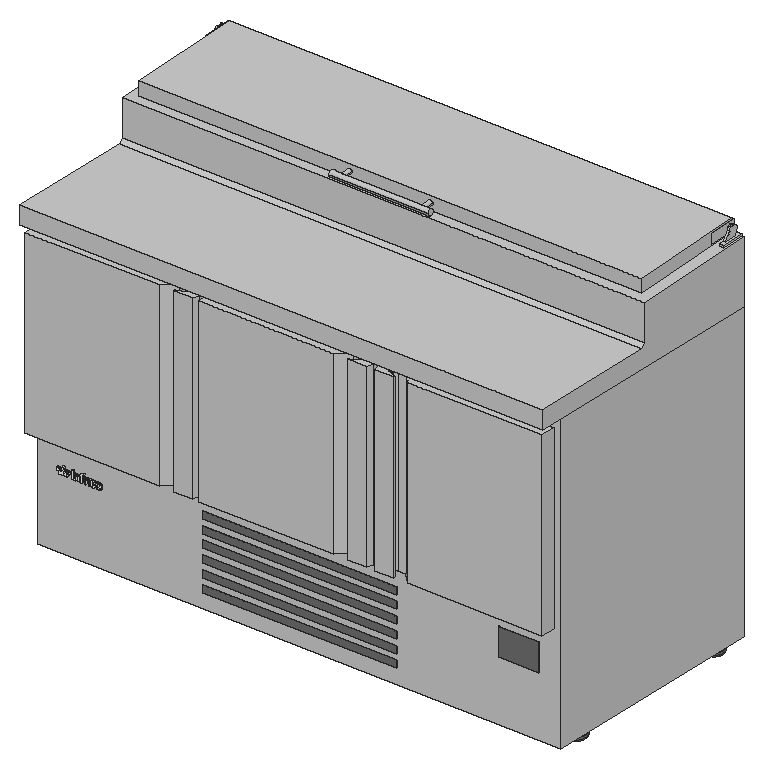
Revit family "QF_INFRICO_ME1003EN_250813083308", category Specialty Equipment, Revit 2021
Family settings
  Round Connector Dimension = Use Diameter
  Part Type = Normal
  OmniClass Number = 23.40.40.14
  OmniClass Title = Food Service Equipment
  Work Plane-Based = No
  Always vertical = Yes
  Cut with Voids When Loaded = No
  Shared = No
  Room Calculation Point = No
Parameters (values of type "ME1003EN-R290")
  Weight [instance] = 136.00 kg
  Waste Water Discharge Temperature [instance] = 0 °C
  Waste Remarks [instance] = ""
  Warranty Start Date [instance] = ""
  Warranty Duration [instance] = ""
  Volts [instance] = 230 V
  Volt Free Conn [instance] = no
  URL Recommended Spares List [instance] = ""
  URL Manufacturer [instance] = ""
  URL Cutsheet [instance] = ""
  URL Critical Spares List [instance] = ""
  URL = "www.infrico.com"
  Technical Documentation [instance] = ""
  Tag Number [instance] = ""
  Status [instance] = ""
  Start Up Current [instance] = 0 A
  Specification by User [instance] = ""
  Specification by Manufacturer [instance] = ""
  Sound Level [instance] = ""
  Show Logo [instance] = yes
  Show Clearances [instance] = yes
  Service Life Duration [instance] = ""
  Serial Number [instance] = ""
  Seismic Rating [instance] = ""
  SMACNA No [instance] = ""
  Revision Code [instance] = ""
  Revision [instance] = ""
  Production Year [instance] = ""
  Potential Equalisation [instance] = no
  Point Load [instance] = 0
  Plumbing Connection Type [instance] = ""
  Phase [instance] = 1
  Other Equipment Approvals [instance] = ""
  Operational Current [instance] = 0 A
  Number of Poles [instance] = 2
  No Load Power Draw [instance] = no
  NAFEM Spec ID Number [instance] = ""
  Model Warning [instance] = ""
  Model = "ME1003EN"
  Min Ckt Ampacity [instance] = 0 A
  Max Overcurrent Protection [instance] = 0 A
  Masterspec [instance] = ""
  Manufacturer = "INFRICO"
  Main switch integrated [instance] = no
  Length Actual [instance] = 1460 mm
  Item Number [instance] = ""
  Installed By [instance] = ""
  Installation Date [instance] = ""
  Indirect Waste Size [instance] = 19.05 mm
  Indirect Waste Remarks [instance] = ""
  Indirect Waste Flow [instance] = 0.0 L/s
  Indirect Waste Connection Type [instance] = ""
  Indirect Waste Connection Height [instance] = 0 mm
  Identify Quantity as Lot [instance] = no
  ID [instance] = ""
  Hygiene Approval [instance] = ""
  Height Actual [instance] = 885 mm
  HP power [instance] = ""
  Furnished By [instance] = ""
  Foodservice Equipment Identifier [instance] = no
  FL Amps [instance] = 0 A
  Electrical Remarks [instance] = ""
  Electric power [instance] = 420 W
  Electric Connection Type [instance] = ""
  Elec Conn RI Height [instance] = 0 mm
  Elec Conn Connection Height [instance] = 0 mm
  ETL Approved [instance] = no
  Direct Waste Water Discharge Temperature [instance] = -273.15 °C
  Direct Waste Size [instance] = 19.05 mm
  Direct Waste RI Height [instance] = 0 mm
  Direct Waste Flow [instance] = 0.0 L/s
  Direct Waste Connection Height [instance] = 0 mm
  Description = "GN1/1 SALAD PREP REFRIGERATOR TABLE 700 SERIES - R290"
  Depth Actual [instance] = 700 mm
  Default Elevation = 0 mm
  Cycle [instance] = 50 Hz
  Cost = 0
  Connection to energy optimisation system [instance] = yes
  Conn Plug [instance] = ""
  Conn Conduit [instance] = no
  Centralized building control system with digital interface [instance] = ""
  CSI MasterFormat [instance] = ""
  CE Approved [instance] = no
  Barcode [instance] = 0
  Author [instance] = ""
  Asset Identifier [instance] = ""
  Apparent Power [instance] = 420 VA
  Accessory [instance] = no
Reference planes
  plane 1 "Center (Front/Back)": y = 0
  plane 2: z = 0
  plane 3 "Center (Left/Right)": x = 0
Forms (mm)
  Extrusion 1, solid, not visible
    sketch origin (487.024, -150.007, 304.015) x (1, 0, 0) y (0, 1, 0)
      loop
        line (-2, 2) -> (-2, -2) -> (2, -2) -> (2, 2) -> (-2, 2)
    from -2 to 2
  Extrusion 2, solid, not visible
    sketch origin (45.002, -152.007, 286.014) x (1, 0, 0) y (0, 1, 0)
      loop
        line (-2, 2) -> (-2, -2) -> (2, -2) -> (2, 2) -> (-2, 2)
    from -2 to 2
Dimensions and locks
  locked: nested 2 to Extrusion 1 at 2  (x2)
  locked: Extrusion 2 to nested 3
  locked: nested 3 to Extrusion 2 at 2
  aligned and locked: level to plane 2
Nested families
  nested 1: "QF_INFRICO_ME1003EN_2920" at (0, 0, 0), type "ME1003EN-R290"
    with Weight 136.00 kg, Warranty Start Date "", Warranty Duration "", URL Cutsheet "", Technical Documentation "", Tag Number "", Status "", Specification by User "", Specification by Manufacturer "", Sound Level "", Solid Fuel Type "", Show Logo yes, Show Clearances yes, Show Clearance yes, Service Life Duration "", Serial Number "", Seismic Rating "", SMACNA No "", Revision Code "", Revision "", Production Year "", Point Load 0, Other Equipment Approvals "", NAFEM Spec ID Number "", Model Warning "", Masterspec "", Length Actual 1460 mm, Item Number "", Installed By "", Installation Date "", Identify Quantity as Lot yes, ID "", Hygiene Approval "", Height Actual 885 mm, Furnished By "", Foodservice Equipment Identifier yes, ETL Approved yes, Depth Actual 700 mm, CSI MasterFormat "", CE Approved no, Barcode "", Author "", Asset Identifier "", Accessory no
  nested 2: "CONN_POINT_DRAIN_2D___Generic_Annotation" at (487.024, -150.007, 302.015), type "CONN_POINT_DRAIN_2D___Generic_Annotation"
    with Onboard connection annotation symbol visibility yes
  nested 3: "CONN_POINT_ELE_2D___Generic_Annotation" at (45.002, -150.007, 286.014), type "CONN_POINT_ELE_2D___Generic_Annotation"
    with Onboard connection annotation symbol visibility yes
  nested 4: "QF_INFRICO_ME_DOOR_SX_4601" at (10, -638, 324), type "ME_DOOR_SX"
    with Weight 0.00 kg, Warranty Start Date "", Warranty Duration "", URL Cutsheet "", Technical Documentation "", Tag Number "", Status "", Specification by User "", Specification by Manufacturer "", Sound Level "", Solid Fuel Type "", Show Logo yes, Show Clearances yes, Show Clearance yes, Service Life Duration "", Serial Number "", Seismic Rating "", SMACNA No "", Revision Code "", Revision "", Production Year "", Point Load 0, Other Equipment Approvals "", NAFEM Spec ID Number "", Model Warning "", Masterspec "", Length Actual 472 mm, Item Number "", Installed By "", Installation Date "", Identify Quantity as Lot yes, ID "", Hygiene Approval "", Height Actual 502 mm, Furnished By "", Foodservice Equipment Identifier yes, ETL Approved yes, Depth Actual 57 mm, CSI MasterFormat "", CE Approved no, Barcode "", Author "", Asset Identifier "", Accessory yes
  nested 5: "QF_INFRICO_ME_DOOR_SX_5375" at (496, -638, 324), type "ME_DOOR_SX"
    with Weight 0.00 kg, Warranty Start Date "", Warranty Duration "", URL Cutsheet "", Technical Documentation "", Tag Number "", Status "", Specification by User "", Specification by Manufacturer "", Sound Level "", Solid Fuel Type "", Show Logo yes, Show Clearances yes, Show Clearance yes, Service Life Duration "", Serial Number "", Seismic Rating "", SMACNA No "", Revision Code "", Revision "", Production Year "", Point Load 0, Other Equipment Approvals "", NAFEM Spec ID Number "", Model Warning "", Masterspec "", Length Actual 472 mm, Item Number "", Installed By "", Installation Date "", Identify Quantity as Lot yes, ID "", Hygiene Approval "", Height Actual 502 mm, Furnished By "", Foodservice Equipment Identifier yes, ETL Approved yes, Depth Actual 57 mm, CSI MasterFormat "", CE Approved no, Barcode "", Author "", Asset Identifier "", Accessory yes
  nested 6: "QF_INFRICO_ME_DOOR_DX_6149" at (982, -638, 324), type "ME_DOOR_DX"
    with Weight 0.00 kg, Warranty Start Date "", Warranty Duration "", URL Cutsheet "", Technical Documentation "", Tag Number "", Status "", Specification by User "", Specification by Manufacturer "", Sound Level "", Solid Fuel Type "", Show Logo yes, Show Clearances yes, Show Clearance yes, Service Life Duration "", Serial Number "", Seismic Rating "", SMACNA No "", Revision Code "", Revision "", Production Year "", Point Load 0, Other Equipment Approvals "", NAFEM Spec ID Number "", Model Warning "", Masterspec "", Length Actual 472 mm, Item Number "", Installed By "", Installation Date "", Identify Quantity as Lot yes, ID "", Hygiene Approval "", Height Actual 502 mm, Furnished By "", Foodservice Equipment Identifier yes, ETL Approved yes, Depth Actual 57 mm, CSI MasterFormat "", CE Approved no, Barcode "", Author "", Asset Identifier "", Accessory yes
Connectors
  piping at (487.024, -150.007, 302.015), diameter 19.05, driven by "Indirect Waste Size", driven by "Direct Waste Flow"
    settings: on Extrusion 1, index 1, connector inside diameter 609.6 mm, connector length 0 mm, flow factor 0, pipe flow 0.0 L/s, pressure drop 0.0 Pa, fitting loss kfactor 0, connector angle 0.00°, fixture units 0, engagement length 0 mm, angle of deflection 0.00°, flow configuration 1, flow direction 2, fitting loss method 0, system type 16, joint type 0, gender type 0, connector reference index -1, connector utility 0, adjustable connector no, is connector primary yes, connector description "Waste connection for ME1003EN"
  electrical at (45.002, -150.007, 286.014), driven by "Apparent Power", driven by "Number of Poles", driven by "Volts"
    settings: on Extrusion 2, index 2, voltage 230 V, apparent load 0 VA, apparent load phase1 420 VA, apparent load phase2 0 VA, apparent load phase3 0 VA, power factor 1, load classification "Other", number of poles 2, system type 31, power factor state 1, is connector primary yes, connector utility no, sub classification motor no, connector description "Electrical connection for ME1003EN"
Definition of nested family "QF_INFRICO_ME1003EN_2920"
  Parameters (values of type "ME1003EN-R290")
    Weight [instance] = 0.00 kg
    Warranty Start Date [instance] = ""
    Warranty Duration [instance] = ""
    URL Cutsheet [instance] = ""
    URL = "www.infrico.com"
    Technical Documentation [instance] = ""
    Tag Number [instance] = ""
    Status [instance] = ""
    Specification by User [instance] = ""
    Specification by Manufacturer [instance] = ""
    Sound Level [instance] = ""
    Solid Fuel Type [instance] = ""
    Show Logo [instance] = yes
    Show Clearances [instance] = yes
    Show Clearance [instance] = yes
    Service Life Duration [instance] = ""
    Serial Number [instance] = ""
    Seismic Rating [instance] = ""
    SMACNA No [instance] = ""
    Revision Code [instance] = ""
    Revision [instance] = ""
    Production Year [instance] = ""
    Point Load [instance] = 0
    Other Equipment Approvals [instance] = ""
    NAFEM Spec ID Number [instance] = ""
    Model Warning [instance] = ""
    Model = "ME1003EN"
    Masterspec [instance] = ""
    Manufacturer = "INFRICO"
    Length Actual [instance] = 0 mm
    Item Number [instance] = ""
    Installed By [instance] = ""
    Installation Date [instance] = ""
    Identify Quantity as Lot [instance] = yes
    ID [instance] = ""
    Hygiene Approval [instance] = ""
    Height Actual [instance] = 0 mm
    Furnished By [instance] = ""
    Foodservice Equipment Identifier [instance] = yes
    ETL Approved [instance] = yes
    Description = "GN1/1 SALAD PREP REFRIGERATOR TABLE 700 SERIES - R290"
    Depth Actual [instance] = 0 mm
    Default Elevation = 0 mm
    CSI MasterFormat [instance] = ""
    CE Approved [instance] = yes
    Barcode [instance] = ""
    Author [instance] = ""
    Asset Identifier [instance] = ""
    Assembly Code = "E1090320"
    Accessory [instance] = yes
  Types (2, lengths in mm): name | Description
    ME1003EN | "GN1/1 SALAD PREP REFRIGERATOR TABLE 700 SERIES - R134A"
    ME1003EN-R290 | "GN1/1 SALAD PREP REFRIGERATOR TABLE 700 SERIES - R290"
  Reference planes
    plane 1 "Back": y = 0
    plane 2: z = 0
    plane 3 "Left": x = 0
    plane 4 "Right": x = 1460
    plane 5 "Front": y = -700
    plane 6 "Top": z = 895.04
  Forms (mm)
    Revolve 1, solid
      sketch origin (29, 0.51, 0) x (0, 1, 0) y (0, 0, 1)
        loop
          line (-65.51, 20.01) -> (-65.51, 0) -> (-45.51, 0)
          arc (-45.51, 0) -> (-41.974, 1.464) -> (-40.51, 5) r 5
          line (-40.51, 5) -> (-40.51, 10) -> (-50.51, 10) -> (-50.51, 15) -> (-60.51, 15) -> (-60.51, 20.01) -> (-65.51, 20.01)
        axis (-65.51, 20.01) -> (-65.51, 0)
      angle from 0 to 360
    Revolve 2, solid
      sketch origin (29, -479.49, 0) x (0, 1, 0) y (0, 0, 1)
        loop
          line (-65.51, 20.01) -> (-65.51, 0) -> (-45.51, 0)
          arc (-45.51, 0) -> (-41.974, 1.464) -> (-40.51, 5) r 5
          line (-40.51, 5) -> (-40.51, 10) -> (-50.51, 10) -> (-50.51, 15) -> (-60.51, 15) -> (-60.51, 20.01) -> (-65.51, 20.01)
        axis (-65.51, 20.01) -> (-65.51, 0)
      angle from 0 to 360
    Revolve 3, solid
      sketch origin (1431, 0.51, 0) x (0, 1, 0) y (0, 0, 1)
        loop
          line (-65.51, 20.01) -> (-65.51, 0) -> (-45.51, 0)
          arc (-45.51, 0) -> (-41.974, 1.464) -> (-40.51, 5) r 5
          line (-40.51, 5) -> (-40.51, 10) -> (-50.51, 10) -> (-50.51, 15) -> (-60.51, 15) -> (-60.51, 20.01) -> (-65.51, 20.01)
        axis (-65.51, 20.01) -> (-65.51, 0)
      angle from 0 to 360
    Revolve 4, solid
      sketch origin (1431, -479.49, 0) x (0, 1, 0) y (0, 0, 1)
        loop
          line (-65.51, 20.01) -> (-65.51, 0) -> (-45.51, 0)
          arc (-45.51, 0) -> (-41.974, 1.464) -> (-40.51, 5) r 5
          line (-40.51, 5) -> (-40.51, 10) -> (-50.51, 10) -> (-50.51, 15) -> (-60.51, 15) -> (-60.51, 20.01) -> (-65.51, 20.01)
        axis (-65.51, 20.01) -> (-65.51, 0)
      angle from 0 to 360
    Extrusion 5, solid
      sketch origin (0, 0, 1) x (0, 1, 0) y (0, 0, 1)
        loop
          line (0, 19.01) -> (0, 49.01) -> (-150, 49.01) -> (-150, 319) -> (0, 319) -> (0, 844.01) -> (-638, 844.01) -> (-638, 19.01) -> (0, 19.01)
      from 30 to 1430
    Extrusion 6, solid
      sketch origin (-1759, -636.1, 1) x (1, 0, 0) y (0, 0, 1)
        loop
          line (2220, 263.01) -> (2220, 243.01) -> (2760, 243.01) -> (2760, 263.01) -> (2220, 263.01)
      from 0 to 2
    Extrusion 7, solid
      sketch origin (-1759, -636.1, -36) x (1, 0, 0) y (0, 0, 1)
        loop
          line (2220, 263.01) -> (2220, 243.01) -> (2760, 243.01) -> (2760, 263.01) -> (2220, 263.01)
      from 0 to 2
    Extrusion 8, solid
      sketch origin (-1759, -636.1, -73) x (1, 0, 0) y (0, 0, 1)
        loop
          line (2220, 263.01) -> (2220, 243.01) -> (2760, 243.01) -> (2760, 263.01) -> (2220, 263.01)
      from 0 to 2
    Extrusion 9, solid
      sketch origin (-1759, -636.1, -110) x (1, 0, 0) y (0, 0, 1)
        loop
          line (2220, 263.01) -> (2220, 243.01) -> (2760, 243.01) -> (2760, 263.01) -> (2220, 263.01)
      from 0 to 2
    Extrusion 10, solid
      sketch origin (-1759, -636.1, -147) x (1, 0, 0) y (0, 0, 1)
        loop
          line (2220, 263.01) -> (2220, 243.01) -> (2760, 243.01) -> (2760, 263.01) -> (2220, 263.01)
      from 0 to 2
    Extrusion 11, solid
      sketch origin (-1759, -636.1, -184) x (1, 0, 0) y (0, 0, 1)
        loop
          line (2220, 263.01) -> (2220, 243.01) -> (2760, 243.01) -> (2760, 263.01) -> (2220, 263.01)
      from 0 to 2
    Extrusion 12, solid
      sketch origin (-1518, -638, 1) x (1, 0, 0) y (0, 0, 1)
        loop
          line (2917.81, 187.81) -> (2917.81, 264.21) -> (2806.21, 264.21) -> (2806.21, 187.81) -> (2917.81, 187.81)
      from 0 to 2
    Extrusion 13, solid
      sketch origin (-1999.879, -1998.654, 934.454) x (1, 0, 0) y (0, 0.999095, 0.042523)
        loop
          line (2004.879, 1939.39) -> (2016.879, 1939.39) -> (2016.879, 1999.39) -> (2004.879, 1999.39) -> (2004.879, 1939.39)
      from 0.49 to 6
    Extrusion 14, solid
      sketch origin (12, -1962.785, 91.697) x (0, 0.999095, 0.042523) y (0, -0.042523, 0.999095)
        loop
          line (1953.39, 849.52) -> (1985.399, 849.52) -> (1991.942, 868.802)
          arc (1991.942, 868.802) -> (1990.52, 873.832) -> (1985.772, 876.02) r 6.246
          line (1985.772, 876.02) -> (1975.772, 876.02)
          arc (1975.772, 876.02) -> (1970.994, 874.797) -> (1967.39, 871.429) r 9.947
          line (1967.39, 871.429) -> (1953.39, 849.52)
      from 0 to 5
    Extrusion 15, solid
      sketch origin (24, -1962.785, 91.697) x (0, 0.999095, 0.042523) y (0, -0.042523, 0.999095)
        loop
          line (1996.591, 881.767) -> (1921.591, 881.767) -> (1921.591, 855.741) -> (1996.591, 855.741) -> (1996.591, 881.767)
      from 0 to 4
    Revolve 16, solid
      sketch origin (-1999.879, 17.922, 175.999) x (1, 0, 0) y (0, -0.042523, 0.999095)
        loop
          line (2023.879, 877.754) -> (2020.879, 877.754) -> (2020.879, 875.754) -> (2016.879, 875.754) -> (2016.879, 868.754) -> (2023.879, 868.754) -> (2023.879, 877.754)
        axis (2023.879, 868.754) -> (2016.879, 868.754)
      angle from 0 to 360
    Extrusion 17, solid
      sketch origin (3459.879, -1998.654, 934.454) x (-1, 0, 0) y (0, -0.999095, -0.042523)
        loop
          line (2004.879, -1939.39) -> (2004.879, -1999.39) -> (2016.879, -1999.39) -> (2016.879, -1939.39) -> (2004.879, -1939.39)
      from 0.49 to 6
    Extrusion 18, solid
      sketch origin (1448, -1962.785, 91.697) x (0, 0.999095, 0.042523) y (0, 0.042523, -0.999095)
        loop
          line (1953.39, -849.52) -> (1967.39, -871.429)
          arc (1967.39, -871.429) -> (1970.994, -874.797) -> (1975.772, -876.02) r 9.947
          line (1975.772, -876.02) -> (1985.772, -876.02)
          arc (1985.772, -876.02) -> (1990.52, -873.832) -> (1991.942, -868.802) r 6.246
          line (1991.942, -868.802) -> (1985.399, -849.52) -> (1953.39, -849.52)
      from 0 to 5
    Extrusion 19, solid
      sketch origin (1436, -1962.785, 91.697) x (0, 0.999095, 0.042523) y (0, 0.042523, -0.999095)
        loop
          line (1996.591, -881.767) -> (1996.591, -855.741) -> (1921.591, -855.741) -> (1921.591, -881.767) -> (1996.591, -881.767)
      from 0 to 4
    Revolve 20, solid
      sketch origin (3459.879, 17.922, 175.999) x (-1, 0, 0) y (0, 0.042523, -0.999095)
        loop
          line (2023.879, -877.754) -> (2023.879, -868.754) -> (2016.879, -868.754) -> (2016.879, -875.754) -> (2020.879, -875.754) -> (2020.879, -877.754) -> (2023.879, -877.754)
        axis (2023.879, -868.754) -> (2016.879, -868.754)
      angle from 0 to 360
    Extrusion 21, solid
      sketch origin (0, -140, 0) x (1, 0, 0) y (0, 0, 1)
        loop
          circle (45, 286) r 12.7
      from 0 to 10
    Extrusion 22, solid
      sketch origin (0, -140, 0) x (1, 0, 0) y (0, 0, 1)
        loop
          circle (487, 302) r 9.525
      from 0 to 10
    Extrusion 23, solid
      sketch origin (0, 0, 1) x (0, 1, 0) y (0, 0, 1)
        loop
          line (-638, 19.01) -> (0, 19.01) -> (0, 844.01) -> (-638, 844.01) -> (-638, 19.01)
      from 0 to 30
    Extrusion 24, solid
      sketch origin (1460, 0, 1) x (0, 1, 0) y (0, 0, -1)
        loop
          line (-638, -19.01) -> (-638, -844.01) -> (0, -844.01) -> (0, -19.01) -> (-638, -19.01)
      from 0 to 30
    Extrusion 25, solid
      sketch origin (0, -2000, 1) x (0, 1, 0) y (0, 0, 1)
        loop
          line (1300, 844.01) -> (2000, 844.01) -> (2000, 1019.01) -> (1656.719, 1004.399) -> (1656.719, 904.399) -> (1646.36, 894.04) -> (1300, 894.04) -> (1300, 844.01)
      from 0 to 1460
    Extrusion 26, solid
      sketch origin (0, -2000, 1) x (0, 1, 0) y (0, 0, 1)
        loop
          line (1996.715, 1031.107) -> (1995.527, 1059.029) -> (1678.795, 1045.549) -> (1680.325, 1009.592) -> (1974.772, 1022.124) -> (1996.715, 1031.107)
      from 28 to 1432
    Extrusion 27, solid
      sketch origin (304.488, 144.54, 178.873) x (0, 0.999907, 0.013666) y (0, -0.013666, 0.999907)
        loop
          circle (-485.389, 855.265) r 8
      from 287.002 to 564.022
    Extrusion 28, solid
      sketch origin (335.088, 185.842, 174.758) x (1, 0, 0) y (0, -0.042523, 0.999095)
        loop
          circle (282.344, 874.787) r 6
      from 469.509 to 496.446
    Extrusion 29, solid
      sketch origin (560.088, 185.842, 174.758) x (1, 0, 0) y (0, -0.042523, 0.999095)
        loop
          circle (282.344, 874.787) r 6
      from 469.509 to 496.446
    Extrusion 30, solid, detail levels coarse
      sketch origin (0, 0, 1) x (0, 1, 0) y (0, 0, 1)
        loop
          line (-4.473, 1059.029) -> (-16.423, 1339.794) -> (-52.391, 1338.263)
          arc (-52.391, 1338.263) -> (-247.421, 1247.579) -> (-321.205, 1045.549) r 281.019
          line (-321.205, 1045.549) -> (-4.473, 1059.029)
      from 28 to 1432
    Extrusion 31, solid, visible <- "Show Logo"
      sketch origin (-1108.19, -638, -480.543) x (1, 0, 0) y (0, 0, 1)
        loop
          line (1208.799, 696.53) -> (1208.799, 719.204) -> (1204.173, 719.204) -> (1204.173, 696.53) -> (1208.799, 696.53)
        loop
          line (1214.779, 713.006) -> (1211.283, 713.006) -> (1211.283, 696.53) -> (1215.772, 696.53) -> (1215.772, 707.832)
          arc (1215.772, 707.832) -> (1217.528, 708.741) -> (1219.417, 709.324) r 11.052
          arc (1219.417, 709.324) -> (1220.929, 708.961) -> (1221.598, 707.557) r 1.806
          line (1221.598, 707.557) -> (1221.598, 696.53) -> (1226.121, 696.53) -> (1226.121, 708.689)
          arc (1226.121, 708.689) -> (1224.637, 712.075) -> (1221.141, 713.281) r 4.607
          arc (1221.141, 713.281) -> (1218.282, 712.674) -> (1215.669, 711.361) r 11.435
          line (1215.669, 711.361) -> (1215.601, 712.184)
          arc (1215.601, 712.184) -> (1215.36, 712.765) -> (1214.779, 713.006) r 0.822
        loop
          line (1238.557, 720.102) -> (1237.306, 720.102)
          arc (1237.306, 720.102) -> (1235.052, 719.926) -> (1232.881, 719.297) r 11.103
          arc (1232.881, 719.297) -> (1230.805, 717.616) -> (1230.024, 715.062) r 4.567
          line (1230.024, 715.062) -> (1230.024, 712.909) -> (1227.351, 712.703) -> (1227.351, 709.374) -> (1230.024, 709.374) -> (1230.024, 696.53) -> (1234.547, 696.53) -> (1234.547, 709.374) -> (1238.249, 709.374) -> (1238.249, 712.938) -> (1234.547, 712.938) -> (1234.547, 714.548)
          arc (1234.547, 714.548) -> (1234.956, 715.705) -> (1236.045, 716.271) r 1.67
          line (1236.045, 716.271) -> (1237.7, 716.399)
          arc (1237.7, 716.399) -> (1238.306, 716.65) -> (1238.557, 717.255) r 0.857
          line (1238.557, 717.255) -> (1238.557, 720.102)
        loop
          line (1239.479, 713.006) -> (1239.479, 696.53) -> (1243.968, 696.53) -> (1243.968, 707.352)
          arc (1243.968, 707.352) -> (1245.873, 708.631) -> (1248.077, 709.268) r 7.435
          line (1248.077, 709.268) -> (1249.241, 709.416)
          arc (1249.241, 709.416) -> (1249.643, 709.758) -> (1249.793, 710.265) r 0.928
          line (1249.793, 710.265) -> (1249.793, 712.458)
          arc (1249.793, 712.458) -> (1249.531, 713.061) -> (1248.912, 713.28) r 0.824
          arc (1248.912, 713.28) -> (1246.197, 712.588) -> (1243.899, 710.984) r 7.833
          line (1243.899, 710.984) -> (1243.726, 713.006) -> (1239.479, 713.006)
        loop
          line (1255.495, 696.53) -> (1255.495, 713.006) -> (1251.006, 713.006) -> (1251.006, 696.53) -> (1255.495, 696.53)
        loop
          arc (1257.421, 701.327) -> (1258.567, 698.188) -> (1261.466, 696.525) r 4.873
          arc (1261.466, 696.525) -> (1264.493, 696.266) -> (1267.521, 696.525) r 17.816
          arc (1267.521, 696.525) -> (1270.575, 699.134) -> (1271.505, 703.041) r 6.481
          line (1271.505, 703.041) -> (1267.187, 703.041) -> (1267.187, 701.67)
          arc (1267.187, 701.67) -> (1266.64, 700.452) -> (1265.442, 699.865) r 1.965
          arc (1265.442, 699.865) -> (1264.547, 699.816) -> (1263.653, 699.865) r 8.196
          arc (1263.653, 699.865) -> (1262.417, 700.415) -> (1261.91, 701.67) r 1.806
          line (1261.91, 701.67) -> (1261.91, 707.9)
          arc (1261.91, 707.9) -> (1262.417, 709.155) -> (1263.653, 709.705) r 1.806
          arc (1263.653, 709.705) -> (1264.547, 709.754) -> (1265.442, 709.705) r 8.196
          arc (1265.442, 709.705) -> (1266.64, 709.118) -> (1267.187, 707.9) r 1.965
          line (1267.187, 707.9) -> (1267.187, 706.838) -> (1271.505, 706.838)
          arc (1271.505, 706.838) -> (1270.524, 710.556) -> (1267.521, 712.959) r 6.132
          arc (1267.521, 712.959) -> (1264.493, 713.294) -> (1261.466, 712.959) r 13.851
          arc (1261.466, 712.959) -> (1258.571, 711.349) -> (1257.421, 708.243) r 4.772
          line (1257.421, 708.243) -> (1257.421, 701.327)
        loop
          arc (1272.916, 701.329) -> (1273.993, 698.345) -> (1276.726, 696.734) r 4.676
          arc (1276.726, 696.734) -> (1278.515, 696.455) -> (1280.318, 696.291) r 28.371
          arc (1280.318, 696.291) -> (1282.122, 696.455) -> (1283.911, 696.734) r 28.371
          arc (1283.911, 696.734) -> (1286.644, 698.345) -> (1287.72, 701.329) r 4.676
          line (1287.72, 701.329) -> (1287.72, 708.242)
          arc (1287.72, 708.242) -> (1286.644, 711.226) -> (1283.911, 712.837) r 4.676
          arc (1283.911, 712.837) -> (1282.122, 713.116) -> (1280.318, 713.28) r 28.371
          arc (1280.318, 713.28) -> (1278.515, 713.116) -> (1276.726, 712.837) r 28.371
          arc (1276.726, 712.837) -> (1273.993, 711.226) -> (1272.916, 708.242) r 4.676
          line (1272.916, 708.242) -> (1272.916, 701.329)
        loop
          line (1277.405, 707.866) -> (1277.405, 701.705)
          arc (1277.405, 701.705) -> (1277.844, 700.556) -> (1278.936, 699.991) r 1.725
          arc (1278.936, 699.991) -> (1279.627, 699.918) -> (1280.318, 699.856) r 46.133
          arc (1280.318, 699.856) -> (1281.01, 699.918) -> (1281.701, 699.991) r 46.133
          arc (1281.701, 699.991) -> (1282.793, 700.556) -> (1283.231, 701.705) r 1.725
          line (1283.231, 701.705) -> (1283.231, 707.866)
          arc (1283.231, 707.866) -> (1282.793, 709.015) -> (1281.701, 709.58) r 1.725
          arc (1281.701, 709.58) -> (1281.01, 709.653) -> (1280.318, 709.716) r 46.133
          arc (1280.318, 709.716) -> (1279.627, 709.653) -> (1278.936, 709.58) r 46.133
          arc (1278.936, 709.58) -> (1277.844, 709.015) -> (1277.405, 707.866) r 1.725
        loop
          arc (1190.339, 696.543) -> (1191.411, 696.987) -> (1191.856, 698.059) r 1.516
          line (1191.856, 698.059) -> (1191.856, 703.891) -> (1196.035, 703.891)
          arc (1196.035, 703.891) -> (1196.79, 704.121) -> (1197.218, 704.782) r 1.147
          line (1197.218, 704.782) -> (1197.218, 706.211)
          arc (1197.218, 706.211) -> (1196.787, 707.258) -> (1195.719, 707.634) r 1.385
          line (1195.719, 707.634) -> (1194.52, 707.634) -> (1197.218, 710.332)
          arc (1197.218, 710.332) -> (1197.605, 711.266) -> (1197.218, 712.2) r 1.321
          line (1197.218, 712.2) -> (1196.495, 712.923)
          arc (1196.495, 712.923) -> (1195.54, 713.338) -> (1194.558, 712.991) r 1.422
          line (1194.558, 712.991) -> (1191.853, 710.286) -> (1191.853, 711.479)
          arc (1191.853, 711.479) -> (1191.443, 712.516) -> (1190.435, 712.992) r 1.516
          line (1190.435, 712.992) -> (1189.514, 712.992)
          arc (1189.514, 712.992) -> (1188.511, 712.514) -> (1188.103, 711.479) r 1.516
          line (1188.103, 711.479) -> (1188.103, 706.83) -> (1182.073, 701.336) -> (1182.073, 707.509) -> (1185.639, 711.075)
          arc (1185.639, 711.075) -> (1186.053, 712.073) -> (1185.639, 713.071) r 1.412
          line (1185.639, 713.071) -> (1184.987, 713.723)
          arc (1184.987, 713.723) -> (1183.939, 714.141) -> (1182.915, 713.667) r 1.428
          line (1182.915, 713.667) -> (1182.073, 712.825) -> (1182.073, 717.784)
          arc (1182.073, 717.784) -> (1181.658, 718.787) -> (1180.655, 719.203) r 1.418
          line (1180.655, 719.203) -> (1179.726, 719.203)
          arc (1179.726, 719.203) -> (1178.723, 718.787) -> (1178.308, 717.784) r 1.418
          line (1178.308, 717.784) -> (1178.308, 712.825) -> (1177.466, 713.667)
          arc (1177.466, 713.667) -> (1176.442, 714.141) -> (1175.394, 713.723) r 1.428
          line (1175.394, 713.723) -> (1174.742, 713.071)
          arc (1174.742, 713.071) -> (1174.328, 712.073) -> (1174.742, 711.075) r 1.412
          line (1174.742, 711.075) -> (1178.308, 707.509) -> (1178.308, 701.336) -> (1172.278, 706.83) -> (1172.278, 711.479)
          arc (1172.278, 711.479) -> (1171.87, 712.514) -> (1170.867, 712.992) r 1.516
          line (1170.867, 712.992) -> (1169.946, 712.992)
          arc (1169.946, 712.992) -> (1168.938, 712.516) -> (1168.528, 711.479) r 1.516
          line (1168.528, 711.479) -> (1168.528, 710.286) -> (1165.823, 712.991)
          arc (1165.823, 712.991) -> (1164.841, 713.338) -> (1163.886, 712.923) r 1.422
          line (1163.886, 712.923) -> (1163.163, 712.2)
          arc (1163.163, 712.2) -> (1162.776, 711.266) -> (1163.163, 710.332) r 1.321
          line (1163.163, 710.332) -> (1165.861, 707.634) -> (1164.662, 707.634)
          arc (1164.662, 707.634) -> (1163.594, 707.258) -> (1163.163, 706.211) r 1.385
          line (1163.163, 706.211) -> (1163.163, 704.782)
          arc (1163.163, 704.782) -> (1163.591, 704.121) -> (1164.346, 703.891) r 1.147
          line (1164.346, 703.891) -> (1168.525, 703.891) -> (1168.525, 698.059)
          arc (1168.525, 698.059) -> (1168.969, 696.987) -> (1170.042, 696.543) r 1.516
          line (1170.042, 696.543) -> (1190.339, 696.543)
      from 0 to 2
  Cuts and joins
    joined: Extrusion 5, Extrusion 23, Extrusion 24
  Lines and regions (mm)
    symbolic lines
      curve 1: line (1460, -700, 0) -> (1460, 0, 0)
      curve 2: line (0, -700, 0) -> (1460, -700, 0)
      curve 3: line (0, 0, 0) -> (0, -700, 0)
      curve 4: line (1460, 0, 0) -> (0, 0, 0)
      curve 5: line (24, -80.427, 0) -> (28, -80.427, 0)
      curve 6: line (24, -4.389, 0) -> (24, -80.427, 0)
      curve 7: line (28, -4.389, 0) -> (24, -4.389, 0)
      curve 8: line (17, -1.093, 0) -> (5, -1.093, 0)
      curve 9: line (5, -1.093, 0) -> (5, -61.273, 0)
      curve 10: line (5, -61.273, 0) -> (17, -61.273, 0)
      curve 11: line (17, -61.273, 0) -> (17, -1.093, 0)
      curve 12: line (24, -12.02, 0) -> (17, -12.02, 0)
      curve 13: line (24, -26.02, 0) -> (17, -26.02, 0)
      curve 14: line (1436, -78.409, 0) -> (1436, -3.409, 0)
      curve 15: line (1432, -78.409, 0) -> (1436, -78.409, 0)
      curve 16: line (1436, -3.409, 0) -> (1432, -3.409, 0)
      curve 17: line (1443, -1.093, 0) -> (1443, -61.273, 0)
      curve 18: line (1455, -1.093, 0) -> (1443, -1.093, 0)
      curve 19: line (1455, -61.273, 0) -> (1455, -1.093, 0)
      curve 20: line (1443, -61.273, 0) -> (1455, -61.273, 0)
      curve 21: line (1436, -26.02, 0) -> (1443, -26.02, 0)
      curve 22: line (1436, -12.02, 0) -> (1443, -12.02, 0)
      curve 23: line (591.49, -360.491, 0) -> (591.49, -344.492, 0)
      curve 24: line (591.49, -344.492, 0) -> (868.51, -344.492, 0)
      curve 25: line (868.51, -344.492, 0) -> (868.51, -360.491, 0)
      curve 26: line (868.51, -360.491, 0) -> (591.49, -360.491, 0)
      curve 27: line (611.432, -344.492, 0) -> (611.432, -321.459, 0)
      curve 28: line (623.432, -344.492, 0) -> (623.432, -321.459, 0)
      curve 29: line (836.432, -344.492, 0) -> (836.432, -321.459, 0)
      curve 30: line (848.432, -344.492, 0) -> (848.432, -321.459, 0)
      curve 31: line (28, -3.285, 0) -> (28, -321.205, 0)
      curve 32: line (1432, -321.205, 0) -> (28, -321.205, 0)
      curve 33: line (1432, -321.205, 0) -> (1432, -3.285, 0)
      curve 34: line (28, -3.285, 0) -> (1432, -3.285, 0)
  Dimensions and locks
    plane 1 "Back" to plane 5 "Front" = 700 mm  (x2)
    plane 6 "Top" to level = 895.04 mm  (x2)
    plane 4 "Right" to plane 3 "Left" = 1460 mm
    plane 3 "Left" to plane 4 "Right" = 1460 mm
    aligned and locked: level to plane 2
  Connectors
    electrical at (45, -140, 286)
      settings: on Extrusion 21, index 1, voltage 0 V, apparent load 0 VA, apparent load phase1 0 VA, apparent load phase2 0 VA, apparent load phase3 0 VA, power factor 1, load classification none, number of poles 1, system type 31, power factor state 1, is connector primary yes, connector utility no, sub classification motor no, connector description "Electrical connection"
    piping at (487, -140, 302), diameter 19.1
      settings: on Extrusion 22, index 2, connector inside diameter 609.6 mm, connector length 0 mm, flow factor 0, pipe flow 0.0 L/s, pressure drop 0.0 Pa, fitting loss kfactor 0, connector angle 0.00°, fixture units 0, engagement length 0 mm, angle of deflection 0.00°, flow configuration 1, flow direction 1, fitting loss method 0, system type 16, joint type 0, gender type 0, connector reference index -1, connector utility 0, adjustable connector no, is connector primary yes, connector description "Drain connection"
Definition of nested family "QF_INFRICO_ME_DOOR_SX_4601"
  Parameters (values of type "ME_DOOR_SX")
    Weight [instance] = 0.00 kg
    Warranty Start Date [instance] = ""
    Warranty Duration [instance] = ""
    URL Cutsheet [instance] = ""
    URL = "www.infrico.com"
    Technical Documentation [instance] = ""
    Tag Number [instance] = ""
    Status [instance] = ""
    Specification by User [instance] = ""
    Specification by Manufacturer [instance] = ""
    Sound Level [instance] = ""
    Solid Fuel Type [instance] = ""
    Show Logo [instance] = yes
    Show Clearances [instance] = yes
    Show Clearance [instance] = yes
    Service Life Duration [instance] = ""
    Serial Number [instance] = ""
    Seismic Rating [instance] = ""
    SMACNA No [instance] = ""
    Revision Code [instance] = ""
    Revision [instance] = ""
    Production Year [instance] = ""
    Point Load [instance] = 0
    Other Equipment Approvals [instance] = ""
    NAFEM Spec ID Number [instance] = ""
    Model Warning [instance] = ""
    Model = "ME_DOOR_SX"
    Masterspec [instance] = ""
    Manufacturer = "INFRICO"
    Length Actual [instance] = 0 mm
    Item Number [instance] = ""
    Installed By [instance] = ""
    Installation Date [instance] = ""
    Identify Quantity as Lot [instance] = yes
    ID [instance] = ""
    Hygiene Approval [instance] = ""
    Height Actual [instance] = 0 mm
    Furnished By [instance] = ""
    Foodservice Equipment Identifier [instance] = yes
    ETL Approved [instance] = yes
    Description = "LEFT DOOR"
    Depth Actual [instance] = 0 mm
    Default Elevation = 0 mm
    CSI MasterFormat [instance] = ""
    CE Approved [instance] = yes
    Barcode [instance] = ""
    Author [instance] = ""
    Asset Identifier [instance] = ""
    Assembly Code = "E1090320"
    Accessory [instance] = yes
  Reference planes
    plane 1 "Back": y = 0
    plane 2: z = 0
    plane 3 "Left": x = 0
    plane 4 "Right": x = 472
    plane 5 "Front": y = -57
    plane 6 "Top": z = 502
  Forms (mm)
    Extrusion 1, solid
      sketch origin (2981.326, 637.02, -168.61) x (-1, 0, 0) y (0, -1, 0)
        loop
          line (2605.426, 694.02) -> (2575.356, 663.95) -> (2552.604, 663.95) -> (2541.663, 666.881)
          arc (2541.663, 666.881) -> (2540.582, 667.631) -> (2540.222, 668.896) r 1.95
          line (2540.222, 668.896) -> (2540.566, 678.741)
          arc (2540.566, 678.741) -> (2540.774, 679.563) -> (2541.304, 680.224) r 2.001
          line (2541.304, 680.224) -> (2566.566, 690.947) -> (2566.566, 694.02) -> (2514.259, 694.02) -> (2509.326, 675.612) -> (2509.326, 654.02) -> (2981.326, 654.02) -> (2981.326, 694.02) -> (2605.426, 694.02)
      from 168.61 to 670.61
    Extrusion 2, solid
      sketch origin (0, 0, 0) x (1, 0, 0) y (0, 0, 1)
        loop
          line (457, 487) -> (15, 487) -> (15, 15) -> (457, 15) -> (457, 487)
        loop
          line (45, 457) -> (45, 45) -> (427, 45) -> (427, 457) -> (45, 457)
      from 0 to 17
    Extrusion 3, solid, detail levels coarse
      sketch origin (0, 0, 0) x (1, 0, 0) y (0, 1, 0)
        loop
          line (472, -57) -> (0, -57) -> (0, -472) -> (57, -472)
          arc (57, -472) -> (350.449, -350.449) -> (472, -57) r 415
      from 0 to 502
  Lines and regions (mm)
    symbolic lines
      curve 1: line (0, -62, 0) -> (0, -472, 0)
      curve 2: line (0, -472, 0) -> (57, -472, 0)
      curve 3: arc (57, -472, 0) -> (348.676, -352.212, 0) -> (471.97, -62, 0) r 415
  Dimensions and locks
    plane 4 "Right" to plane 3 "Left" = 472 mm
    plane 6 "Top" to level = 502 mm  (x2)
    plane 1 "Back" to plane 5 "Front" = 57 mm  (x2)
    plane 3 "Left" to plane 4 "Right" = 472 mm
    aligned and locked: level to plane 2
Definition of nested family "QF_INFRICO_ME_DOOR_SX_5375"
  Parameters (values of type "ME_DOOR_SX")
    Weight [instance] = 0.00 kg
    Warranty Start Date [instance] = ""
    Warranty Duration [instance] = ""
    URL Cutsheet [instance] = ""
    URL = "www.infrico.com"
    Technical Documentation [instance] = ""
    Tag Number [instance] = ""
    Status [instance] = ""
    Specification by User [instance] = ""
    Specification by Manufacturer [instance] = ""
    Sound Level [instance] = ""
    Solid Fuel Type [instance] = ""
    Show Logo [instance] = yes
    Show Clearances [instance] = yes
    Show Clearance [instance] = yes
    Service Life Duration [instance] = ""
    Serial Number [instance] = ""
    Seismic Rating [instance] = ""
    SMACNA No [instance] = ""
    Revision Code [instance] = ""
    Revision [instance] = ""
    Production Year [instance] = ""
    Point Load [instance] = 0
    Other Equipment Approvals [instance] = ""
    NAFEM Spec ID Number [instance] = ""
    Model Warning [instance] = ""
    Model = "ME_DOOR_SX"
    Masterspec [instance] = ""
    Manufacturer = "INFRICO"
    Length Actual [instance] = 0 mm
    Item Number [instance] = ""
    Installed By [instance] = ""
    Installation Date [instance] = ""
    Identify Quantity as Lot [instance] = yes
    ID [instance] = ""
    Hygiene Approval [instance] = ""
    Height Actual [instance] = 0 mm
    Furnished By [instance] = ""
    Foodservice Equipment Identifier [instance] = yes
    ETL Approved [instance] = yes
    Description = "LEFT DOOR"
    Depth Actual [instance] = 0 mm
    Default Elevation = 0 mm
    CSI MasterFormat [instance] = ""
    CE Approved [instance] = yes
    Barcode [instance] = ""
    Author [instance] = ""
    Asset Identifier [instance] = ""
    Assembly Code = "E1090320"
    Accessory [instance] = yes
  Reference planes
    plane 1 "Back": y = 0
    plane 2: z = 0
    plane 3 "Left": x = 0
    plane 4 "Right": x = 472
    plane 5 "Front": y = -57
    plane 6 "Top": z = 502
  Forms (mm)
    Extrusion 1, solid
      sketch origin (2981.326, 637.02, -168.61) x (-1, 0, 0) y (0, -1, 0)
        loop
          line (2605.426, 694.02) -> (2575.356, 663.95) -> (2552.604, 663.95) -> (2541.663, 666.881)
          arc (2541.663, 666.881) -> (2540.582, 667.631) -> (2540.222, 668.896) r 1.95
          line (2540.222, 668.896) -> (2540.566, 678.741)
          arc (2540.566, 678.741) -> (2540.774, 679.563) -> (2541.304, 680.224) r 2.001
          line (2541.304, 680.224) -> (2566.566, 690.947) -> (2566.566, 694.02) -> (2514.259, 694.02) -> (2509.326, 675.612) -> (2509.326, 654.02) -> (2981.326, 654.02) -> (2981.326, 694.02) -> (2605.426, 694.02)
      from 168.61 to 670.61
    Extrusion 2, solid
      sketch origin (0, 0, 0) x (1, 0, 0) y (0, 0, 1)
        loop
          line (457, 487) -> (15, 487) -> (15, 15) -> (457, 15) -> (457, 487)
        loop
          line (45, 457) -> (45, 45) -> (427, 45) -> (427, 457) -> (45, 457)
      from 0 to 17
    Extrusion 3, solid, detail levels coarse
      sketch origin (0, 0, 0) x (1, 0, 0) y (0, 1, 0)
        loop
          line (472, -57) -> (0, -57) -> (0, -472) -> (57, -472)
          arc (57, -472) -> (350.449, -350.449) -> (472, -57) r 415
      from 0 to 502
  Lines and regions (mm)
    symbolic lines
      curve 1: line (0, -62, 0) -> (0, -472, 0)
      curve 2: line (0, -472, 0) -> (57, -472, 0)
      curve 3: arc (57, -472, 0) -> (348.676, -352.212, 0) -> (471.97, -62, 0) r 415
  Dimensions and locks
    plane 4 "Right" to plane 3 "Left" = 472 mm
    plane 6 "Top" to level = 502 mm  (x2)
    plane 1 "Back" to plane 5 "Front" = 57 mm  (x2)
    plane 3 "Left" to plane 4 "Right" = 472 mm
    aligned and locked: level to plane 2
Definition of nested family "QF_INFRICO_ME_DOOR_DX_6149"
  Parameters (values of type "ME_DOOR_DX")
    Weight [instance] = 0.00 kg
    Warranty Start Date [instance] = ""
    Warranty Duration [instance] = ""
    URL Cutsheet [instance] = ""
    URL = "www.infrico.com"
    Technical Documentation [instance] = ""
    Tag Number [instance] = ""
    Status [instance] = ""
    Specification by User [instance] = ""
    Specification by Manufacturer [instance] = ""
    Sound Level [instance] = ""
    Solid Fuel Type [instance] = ""
    Show Logo [instance] = yes
    Show Clearances [instance] = yes
    Show Clearance [instance] = yes
    Service Life Duration [instance] = ""
    Serial Number [instance] = ""
    Seismic Rating [instance] = ""
    SMACNA No [instance] = ""
    Revision Code [instance] = ""
    Revision [instance] = ""
    Production Year [instance] = ""
    Point Load [instance] = 0
    Other Equipment Approvals [instance] = ""
    NAFEM Spec ID Number [instance] = ""
    Model Warning [instance] = ""
    Model = "ME_DOOR_DX"
    Masterspec [instance] = ""
    Manufacturer = "INFRICO"
    Length Actual [instance] = 0 mm
    Item Number [instance] = ""
    Installed By [instance] = ""
    Installation Date [instance] = ""
    Identify Quantity as Lot [instance] = yes
    ID [instance] = ""
    Hygiene Approval [instance] = ""
    Height Actual [instance] = 0 mm
    Furnished By [instance] = ""
    Foodservice Equipment Identifier [instance] = yes
    ETL Approved [instance] = yes
    Description = "RIGHT DOOR"
    Depth Actual [instance] = 0 mm
    Default Elevation = 0 mm
    CSI MasterFormat [instance] = ""
    CE Approved [instance] = yes
    Barcode [instance] = ""
    Author [instance] = ""
    Asset Identifier [instance] = ""
    Assembly Code = "E1090320"
    Accessory [instance] = yes
  Reference planes
    plane 1 "Back": y = 0
    plane 2: z = 0
    plane 3 "Left": x = 0
    plane 4 "Right": x = 472
    plane 5 "Front": y = -57
    plane 6 "Top": z = 502
  Forms (mm)
    Extrusion 1, solid
      sketch origin (-2509.326, 637.02, -168.61) x (1, 0, 0) y (0, 1, 0)
        loop
          line (2605.426, -694.02) -> (2981.326, -694.02) -> (2981.326, -654.02) -> (2509.326, -654.02) -> (2509.326, -675.612) -> (2514.259, -694.02) -> (2566.566, -694.02) -> (2566.566, -690.947) -> (2541.304, -680.224)
          arc (2541.304, -680.224) -> (2540.774, -679.563) -> (2540.566, -678.741) r 2.001
          line (2540.566, -678.741) -> (2540.222, -668.896)
          arc (2540.222, -668.896) -> (2540.582, -667.631) -> (2541.663, -666.881) r 1.95
          line (2541.663, -666.881) -> (2552.604, -663.95) -> (2575.356, -663.95) -> (2605.426, -694.02)
      from 168.61 to 670.61
    Extrusion 2, solid
      sketch origin (472, 0, 0) x (-1, 0, 0) y (0, 0, -1)
        loop
          line (457, -487) -> (457, -15) -> (15, -15) -> (15, -487) -> (457, -487)
        loop
          line (45, -457) -> (427, -457) -> (427, -45) -> (45, -45) -> (45, -457)
      from 0 to 17
    Extrusion 3, solid, detail levels coarse
      sketch origin (472, 0, 0) x (-1, 0, 0) y (0, -1, 0)
        loop
          arc (472, 57) -> (350.449, 350.449) -> (57, 472) r 415
          line (57, 472) -> (0, 472) -> (0, 57) -> (472, 57)
      from 0 to 502
  Lines and regions (mm)
    symbolic lines
      curve 1: line (472, -62, 0) -> (472, -472, 0)
      curve 2: line (472, -472, 0) -> (415, -472, 0)
      curve 3: arc (415, -472, 0) -> (123.324, -352.212, 0) -> (0.03, -62, 0) r 415
  Dimensions and locks
    plane 4 "Right" to plane 3 "Left" = 472 mm
    plane 6 "Top" to level = 502 mm  (x2)
    plane 1 "Back" to plane 5 "Front" = 57 mm  (x2)
    plane 3 "Left" to plane 4 "Right" = 472 mm
    aligned and locked: level to plane 2
Definition of nested family "CONN_POINT_DRAIN_2D___Generic_Annotation"
  Parameters (values of type "CONN_POINT_DRAIN_2D___Generic_Annotation")
    Onboard connection annotation symbol visibility [instance] = yes
  Reference planes
    plane 1: y = 0
    plane 2: x = 0
  Lines and regions (mm)
    detail lines, visible <- "Onboard connection annotation symbol visibility"
      curve 1: circle (0, 0, 0) r 0.5 normal (0, 0, 1)
      curve 2: line (-1, 0, 0) -> (1, 0, 0)
      curve 3: line (0, 1, 0) -> (0, -1, 0)
      curve 4: line (1.776, 1, 0) -> (1.25, 1, 0)
      curve 5: line (1.25, 1, 0) -> (1.25, -1, 0)
      curve 6: line (1.25, -1, 0) -> (1.776, -1, 0)
      curve 7: arc (2.206, -0.862, 0) -> (2.459, -0.589, 0) -> (2.583, -0.238, 0) r 0.918
      curve 8: arc (2.583, 0.238, 0) -> (2.459, 0.589, 0) -> (2.206, 0.862, 0) r 0.918
      curve 9: arc (2.583, -0.238, 0) -> (2.599, 0, 0) -> (2.583, 0.238, 0) r 1.77
      curve 10: arc (2.206, 0.862, 0) -> (2.002, 0.965, 0) -> (1.776, 1, 0) r 0.741
      curve 11: arc (1.776, -1, 0) -> (2.002, -0.965, 0) -> (2.206, -0.862, 0) r 0.741
Definition of nested family "CONN_POINT_ELE_2D___Generic_Annotation"
  Parameters (values of type "CONN_POINT_ELE_2D___Generic_Annotation")
    Onboard connection annotation symbol visibility [instance] = yes
  Reference planes
    plane 1: y = 0
    plane 2: x = 0
  Lines and regions (mm)
    detail lines, visible <- "Onboard connection annotation symbol visibility"
      curve 1: circle (0, 0, 0) r 0.5 normal (0, 0, 1)
      curve 2: line (-1, 0, 0) -> (1, 0, 0)
      curve 3: line (0, 1, 0) -> (0, -1, 0)
      curve 4: line (2.5, 1, 0) -> (1.25, 1, 0)
      curve 5: line (1.25, 1, 0) -> (1.25, -1, 0)
      curve 6: line (1.25, -1, 0) -> (2.5, -1, 0)
      curve 7: line (1.25, 0, 0) -> (2, 0, 0)
